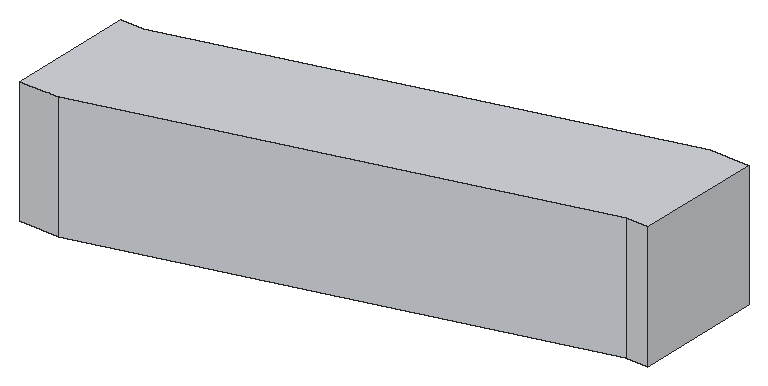
Revit family "M_Rectangular Offset - Mitered", category Duct Fittings, Revit 2014
Parameters (values of type "Standard")
  Offset 1 [instance] = if(Offset = 0 mm, 10.021 mm, Offset)  # 300 mm
  Length 3 [instance] = (Duct Length 1 - abs(Offset 1) / tan(Angle 1) - 100.013 mm) * 0.5  # 22.242 mm
  Length 2 [instance] = Offset + 10160 mm  # 10460 mm
  Length 1 [instance] = abs(Offset 1) / tan(Angle 1)  # 1119.615 mm
  Duct Width [instance] = 300 mm
  Offset [instance] = 300 mm
  Duct Length 1 [instance] = if((Duct Length - Length 1 - 100 mm) * 0.5 - (Duct Width / 2 * tan(Angle 1 / 2)) > 0 mm, Duct Length, ((Duct Width * tan(Angle 1 / 2) + 5 mm) + Length 1 + 100 mm))  # 1264.111 mm
  Duct Length [instance] = 500 mm
  Duct Height [instance] = 300 mm
  Angle 1 [instance] = if(Angle < 15.00°, 15.00°, if(Angle < 30.00°, Angle, 30.00°))  # 15.00°
  Angle [instance] = 15.00°
Reference planes
  plane 1 "Center (Front/Back)": y = 0
  plane 2: z = 0
  plane 3 "Center (Left/Right)": x = 0
  plane 4: x = 50.8
  plane 5: x = 73.042
  plane 6: y = 150
  plane 7: y = -150
  plane 8: y = -10160
  plane 9: y = 300
  plane 10: x = 1191.069
  plane 11: x = 1213.311
  plane 12: x = 1264.111
  plane 13: y = 450
  plane 14: y = 150
Forms (mm)
  Sweep 1, solid, detail levels medium+fine
    path in 3D
      loop
        line (50.8, 0, 0) -> (73.042, 0, 0) -> (1191.069, 300, 0) -> (1213.311, 300, 0)
    profile "M_Duct - Rectangular : Duct - Rectangular" origin (61.921, 0, 0) x (0, 1, 0) y (0, 0, 1)
      loop
        line (-150, 150) -> (-150, -150) -> (150, -150) -> (150, 150) -> (-150, 150)
  Sweep 2, solid, detail levels medium+fine
    path in 3D
      loop
        line (0, 0, 0) -> (50.8, 0, 0)
    profile "M_Duct - Rectangular : Duct - Rectangular" origin (25.4, 0, 0) x (0, 1, 0) y (0, 0, 1)
      loop
        line (-150, 150) -> (-150, -150) -> (150, -150) -> (150, 150) -> (-150, 150)
  Sweep 3, solid, detail levels medium+fine
    path in 3D
      loop
        line (1213.311, 300, 0) -> (1264.111, 300, 0)
    profile "M_Duct - Rectangular : Duct - Rectangular" origin (1238.711, 300, 0) x (0, 1, 0) y (0, 0, 1)
      loop
        line (-150, 150) -> (-150, -150) -> (150, -150) -> (150, 150) -> (-150, 150)
Cuts and joins
  joined: Sweep 1, Sweep 2, Sweep 3
Lines and regions (mm)
  model lines, detail levels coarse
    curve 1: line (50.8, 0, 0) -> (73.042, 0, 0)
    curve 2: line (73.042, 0, 0) -> (1191.069, 300, 0)
    curve 3: line (1191.069, 300, 0) -> (1213.311, 300, 0)
    curve 7: line (0, 0, 0) -> (50.8, 0, 0)
    curve 8: line (1213.311, 300, 0) -> (1264.111, 300, 0)
  sketch lines
    curve 4: line (50.8, 0, 0) -> (73.042, 0, 0)
    curve 5: line (73.042, 0, 0) -> (1191.069, 300, 0)
    curve 6: line (1191.069, 300, 0) -> (1213.311, 300, 0)
    curve 9: line (0, 0, 0) -> (50.8, 0, 0)
    curve 10: line (1213.311, 300, 0) -> (1264.111, 300, 0)
Dimensions and locks
  locked: plane 8 to plane 1 "Center (Front/Back)" at 10160
  "Length 2": plane 9 to plane 8
  equal spacing: plane 6, plane 1 "Center (Front/Back)", plane 7
  "Duct Width": plane 6 to plane 7
  locked: plane 3 "Center (Left/Right)" to plane 4 at 50.8
  "Length 3": plane 4 to plane 5
  "Length 3": plane 10 to plane 11
  locked: plane 11 to plane 12 at 50.8
  equal spacing: plane 13, plane 9, plane 14
  "Duct Width": plane 13 to plane 14
  "Duct Length 1": plane 3 "Center (Left/Right)" to plane 12
  aligned and locked: plane 1 "Center (Front/Back)" to curve 1
  aligned and locked: plane 5 to curve 2
  aligned and locked: plane 10 to curve 3
  aligned and locked: plane 9 to curve 3
  aligned and locked: plane 1 "Center (Front/Back)" to curve 2
  aligned and locked: plane 3 "Center (Left/Right)" to curve 7
  aligned and locked: plane 1 "Center (Front/Back)" to curve 7
  aligned and locked: plane 4 to curve 7
  aligned and locked: curve 8 to plane 9
  aligned and locked: plane 11 to curve 8
Automatic sketch dimensions
  curve 8 to plane 12 = 0 mm
Connectors
  hvac at (0, 0, 0), driven by "Duct Height", driven by "Duct Width"
    settings: on cut or joined group of Sweep 1, Sweep 2, Sweep 3, index 1, duct flow 0.0 L/s, flow factor 0, pres drop 0.0 Pa, loss coef 0, conn angle 0.00°, conn width 300 mm, conn height 300 mm, conn diameter 609.6 mm, duct sys type 28, conn prof type 1, flow config 0, flow direction 0, loss method 0, conn ref index 2, conn util no, is conn primary yes, conn desc ""
  hvac at (1264.111, 300, 0), driven by "Duct Height", driven by "Duct Width"
    settings: on cut or joined group of Sweep 1, Sweep 2, Sweep 3, index 2, duct flow 0.0 L/s, flow factor 0, pres drop 0.0 Pa, loss coef 0, conn angle 0.00°, conn width 300 mm, conn height 300 mm, conn diameter 609.6 mm, duct sys type 28, conn prof type 1, flow config 0, flow direction 0, loss method 0, conn ref index 1, conn util no, is conn primary no, conn desc ""
